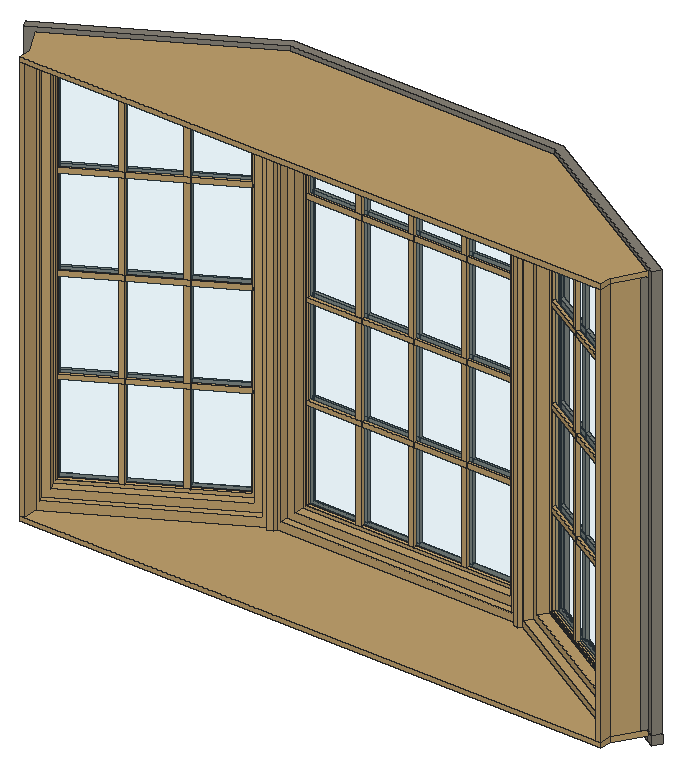
Revit family (continued)
Definition of nested family "Window-Casement-Marvin-Clad_Ultimate"
  Definition of nested family "Muntins"
    Dimensions and locks (in)
      "MuntinWidth": Extrusion 2 sketch curve to Extrusion 2 sketch curve
      "Width": Extrusion 2 sketch curve to Extrusion 2 sketch curve
      "MuntinWidth": Extrusion 3 sketch curve to Extrusion 3 sketch curve
      "Height": Extrusion 3 sketch curve to Extrusion 3 sketch curve
      "Width": plane 15 to plane 14
      equal spacing: plane 15, plane 3 "Center (Left/Right)", plane 14
      "Inset Vert": plane 13 to plane 14
      "Inset Vert": plane 15 to plane 16
      "MuntinWidth": Extrusion 4 sketch curve to Extrusion 4 sketch curve
      "Width": Extrusion 4 sketch curve to Extrusion 4 sketch curve
      "MuntinWidth": Extrusion 5 sketch curve to Extrusion 5 sketch curve
      "Width": Extrusion 5 sketch curve to Extrusion 5 sketch curve
      group 2 to group 3 = 0' - 0"  (x2)
      group 3 to group 2 = 0' - 11.85417"
      "MuntinWidth": Extrusion 6 sketch curve to Extrusion 6 sketch curve
      "Height": Extrusion 6 sketch curve to Extrusion 6 sketch curve
      group 4 to group 5 = 0' - 8.14583"
      group 4 to group 5 = 0' - 0"  (x2)
      "Prairie Corner Width": plane 19 to plane 11
      "Prairie Corner Width": plane 20 to plane 12
      "Prairie Corner Height": plane 9 to plane 17
      "Prairie Corner Height": plane 18 to plane 10
      "MuntinWidth": Extrusion 7 sketch curve to Extrusion 7 sketch curve
      "Height": Extrusion 7 sketch curve to Extrusion 7 sketch curve
      "MuntinWidth": Extrusion 8 sketch curve to Extrusion 8 sketch curve
      "Height": Extrusion 8 sketch curve to Extrusion 8 sketch curve
      "MuntinWidth": Extrusion 9 sketch curve to Extrusion 9 sketch curve
      "Width": Extrusion 9 sketch curve to Extrusion 9 sketch curve
      "MuntinWidth": Extrusion 10 sketch curve to Extrusion 10 sketch curve
      "Width": Extrusion 10 sketch curve to Extrusion 10 sketch curve
      aligned and locked: plane 6 to Extrusion 1  (x2)
      aligned and locked: Extrusion 1 to plane 4  (x3)
      aligned and locked: Extrusion 3 to plane 13  (x5)
      aligned and locked: Extrusion 3 to plane 4  (x3)
      aligned and locked: Extrusion 2 to plane 14
      aligned and locked: plane 15 to Extrusion 2
      aligned and locked: plane 6 to Extrusion 3
      aligned and locked: plane 7 to Extrusion 4
      aligned and locked: Extrusion 4 to plane 14
      aligned and locked: plane 15 to Extrusion 4
      aligned and locked: curve 1 to plane 5
      aligned and locked: plane 14 to curve 1
      aligned and locked: plane 15 to curve 1
      aligned and locked: Extrusion 5 to plane 14
      aligned and locked: Extrusion 5 to plane 8
      aligned and locked: plane 15 to Extrusion 5
      aligned and locked: Extrusion 5 to curve 3  (x2)
      aligned and locked: Extrusion 4 to curve 2  (x2)
      aligned and locked: curve 4 to plane 3 "Center (Left/Right)"
      aligned and locked: Extrusion 1 to curve 4  (x2)
      aligned and locked: Extrusion 3 to curve 5  (x2)
      aligned and locked: Extrusion 6 to curve 6  (x2)
      aligned and locked: Extrusion 6 to plane 16
      aligned and locked: plane 6 to Extrusion 6
      aligned and locked: plane 6 to curve 6
      aligned and locked: Extrusion 6 to plane 4
      aligned and locked: plane 4 to curve 6
      aligned and locked: cut or joined group of Extrusion 7, Extrusion 8, Extrusion 9, Extrusion 10 to plane 19
      aligned and locked: plane 20 to cut or joined group of Extrusion 7, Extrusion 8, Extrusion 9, Extrusion 10
      aligned and locked: plane 17 to cut or joined group of Extrusion 7, Extrusion 8, Extrusion 9, Extrusion 10
      aligned and locked: cut or joined group of Extrusion 7, Extrusion 8, Extrusion 9, Extrusion 10 to plane 18
      aligned and locked: cut or joined group of Extrusion 7, Extrusion 8, Extrusion 9, Extrusion 10 to curve 7  (x2)
      aligned and locked: cut or joined group of Extrusion 7, Extrusion 8, Extrusion 9, Extrusion 10 to curve 8  (x2)
      aligned and locked: cut or joined group of Extrusion 7, Extrusion 8, Extrusion 9, Extrusion 10 to curve 9  (x2)
      aligned and locked: cut or joined group of Extrusion 7, Extrusion 8, Extrusion 9, Extrusion 10 to curve 10  (x2)
    Automatic sketch dimensions
      Extrusion 1 sketch curve to plane 4 = 0' - 0"
      Extrusion 1 sketch curve to plane 3 "Center (Left/Right)" = 0' - 0 3/8"
      Extrusion 2 sketch curve to plane 14 = 0' - 0"
      Extrusion 2 sketch curve to plane 5 = 0' - 0 3/8"
      Extrusion 7 sketch curve to plane 4 = 0' - 0"
      Extrusion 7 sketch curve to plane 19 = 0' - 0"
      Extrusion 8 sketch curve to plane 4 = 0' - 0"
      Extrusion 8 sketch curve to plane 20 = 0' - 0 3/4"
      Extrusion 9 sketch curve to plane 14 = 0' - 0"
      Extrusion 9 sketch curve to plane 17 = 0' - 0 3/4"
      Extrusion 10 sketch curve to plane 14 = 0' - 0"
      Extrusion 10 sketch curve to plane 18 = 0' - 0"
      plane 19 to curve 9 = 0' - 0 3/8"
      curve 10 to plane 20 = 0' - 0 3/8"
      plane 18 to curve 8 = 0' - 0 3/8"
      curve 7 to plane 17 = 0' - 0 3/8"
Definition of nested family "Bay_Plan_Detail"
  Parameters (values of type "Casement_Plan_Detail")
    Width = 7' - 5.06044"
    Projection = 1' - 2.61133"
    Assembly Code = ""
  Reference planes (in)
    plane 1 "Center (Front/Back)": y = 0
    plane 2: z = 0
    plane 3 "Center (Left/Right)": x = 0
    plane 4: x = -44.53022
    plane 5: x = 44.53022
    plane 6 "Projection": y = 14.61133
  Lines and regions (in)
    reference lines, in view "Ref. Level"
      curve 1: line (-44.53022, 0, 0) -> (-19.22266, 14.61133, 0)
      curve 2: line (44.53022, 0, 0) -> (19.22266, 14.61133, 0)
    detail lines, style "Cut Lines", in view "Ref. Level"
      curve 3: line (-20.82851, 14.94744, 0) -> (-19.51579, 15.70534, 0)
      curve 4: line (-18.00051, 15.70534, 0) -> (-19.51579, 15.70534, 0)
      curve 5: line (20.82851, 14.94744, 0) -> (19.517, 15.70464, 0)
      curve 6: line (18.00051, 15.70464, 0) -> (19.517, 15.70464, 0)
      curve 7: line (-15.64797, 13.86258, 0) -> (15.64291, 13.86258, 0)
      curve 8: line (-15.64797, 13.74458, 0) -> (15.64291, 13.74458, 0)
      curve 9: line (-15.64797, 13.23058, 0) -> (15.64291, 13.23058, 0)
      curve 10: line (-15.64797, 13.11258, 0) -> (15.64291, 13.11258, 0)
      curve 11: line (-42.11809, 0.52807, 0) -> (-21.94489, 12.17507, 0)
      curve 12: line (-42.05909, 0.42587, 0) -> (-21.88589, 12.07287, 0)
      curve 13: line (-41.80209, -0.01926, 0) -> (-21.62889, 11.62774, 0)
      curve 14: line (-41.74309, -0.12145, 0) -> (-21.56989, 11.52555, 0)
      curve 15: line (42.11809, 0.52807, 0) -> (21.94489, 12.17507, 0)
      curve 16: line (42.05909, 0.42587, 0) -> (21.88589, 12.07287, 0)
      curve 17: line (41.80209, -0.01926, 0) -> (21.62889, 11.62774, 0)
      curve 18: line (41.74309, -0.12145, 0) -> (21.56989, 11.52555, 0)
    detail lines, style "DetailComponentsHiddenLines", in view "Ref. Level"
      curve 19: line (40.68306, -0.51316, 0) -> (21.76068, 10.41168, 0)
      curve 20: line (-40.68306, -0.51316, 0) -> (-21.76068, 10.41168, 0)
  Dimensions and locks (in)
    equal spacing: plane 4, plane 3 "Center (Left/Right)", plane 5
    "Width": plane 4 to plane 5
    "Projection": plane 1 "Center (Front/Back)" to plane 6 "Projection"
    locked: nested 3 to curve 1 at 1.22266
    locked: curve 2 to nested 4 at 1.22266
    locked: plane 1 "Center (Front/Back)" to curve 1 (angle 30.00°)
    locked: curve 2 to plane 1 "Center (Front/Back)" (angle 30.00°)
    aligned and locked: plane 1 "Center (Front/Back)" to curve 1
    aligned and locked: plane 4 to curve 1
    aligned and locked: plane 1 "Center (Front/Back)" to curve 2
    aligned and locked: plane 5 to curve 2
    aligned and locked: nested 1 to curve 1  (x2)
    aligned and locked: nested 2 to curve 2  (x2)
    aligned and locked: nested 6 to nested 3
    aligned and locked: nested 5 to nested 4
    aligned and locked: nested 5 to curve 6
    aligned and locked: curve 4 to nested 6
    aligned and locked: plane 6 "Projection" to nested 6
    aligned and locked: nested 5 to plane 6 "Projection"
    aligned and locked: plane 6 "Projection" to curve 2
    aligned and locked: plane 6 "Projection" to curve 1
    aligned and locked: nested 4 to curve 2
    aligned and locked: nested 4 to curve 5
    aligned and locked: curve 5 to nested 4
    aligned and locked: nested 3 to curve 1
    aligned and locked: nested 3 to curve 3
    aligned and locked: curve 3 to nested 3
    aligned and locked: curve 11 to nested 1  (x2)
    aligned and locked: nested 1 to curve 12
    aligned and locked: curve 12 to nested 1
    aligned and locked: curve 13 to nested 1  (x2)
    aligned and locked: nested 1 to curve 14
    aligned and locked: curve 14 to nested 1
    aligned and locked: curve 15 to nested 2  (x2)
    aligned and locked: nested 2 to curve 16
    aligned and locked: curve 16 to nested 2
    aligned and locked: curve 17 to nested 2  (x2)
    aligned and locked: nested 2 to curve 18
    aligned and locked: curve 18 to nested 2
    aligned and locked: nested 2 to curve 19  (x2)
    aligned and locked: nested 1 to curve 20
    aligned and locked: curve 20 to nested 1
  Automatic sketch dimensions
    plane 6 "Projection" to curve 11 = 0' - 2.43626"
    curve 11 to curve 3 = 0' - 1.11638"
    plane 6 "Projection" to curve 12 = 0' - 2.53845"
    curve 11 to curve 12 = 0' - 0.059"
    plane 6 "Projection" to curve 20 = 0' - 4.19965"
    curve 12 to curve 20 = 0' - 0.12522"
    plane 6 "Projection" to curve 13 = 0' - 2.98359"
    curve 12 to curve 13 = 0' - 0.257"
    plane 6 "Projection" to curve 14 = 0' - 3.08578"
    curve 13 to curve 14 = 0' - 0.059"
    curve 4 to plane 6 "Projection" = 0' - 1.09401"
    plane 6 "Projection" to curve 10 = 0' - 1.49875"
    curve 4 to curve 10 = 0' - 2.35254"
    curve 7 to curve 10 = 0' - 0"
    curve 8 to curve 7 = 0' - 0"
    curve 9 to curve 10 = 0' - 0"  (x2)
    curve 10 to curve 6 = 0' - 2.3576"
    curve 8 to curve 9 = 0' - 0"
    curve 7 to curve 8 = 0' - 0"
    curve 6 to plane 6 "Projection" = 0' - 1.09331"
    plane 6 "Projection" to curve 18 = 0' - 3.08578"
    curve 5 to curve 18 = 0' - 0.74138"
    plane 6 "Projection" to curve 17 = 0' - 2.98359"
    curve 18 to curve 17 = 0' - 0.059"
    plane 6 "Projection" to curve 19 = 0' - 4.19965"
    plane 6 "Projection" to curve 16 = 0' - 2.53845"
    curve 17 to curve 16 = 0' - 0.257"
    plane 6 "Projection" to curve 15 = 0' - 2.43626"
    curve 16 to curve 15 = 0' - 0.059"
    curve 10 to curve 9 = 0' - 0.118"
    curve 9 to curve 8 = 0' - 0.514"
    curve 8 to curve 7 = 0' - 0.118"
  Nested families (in)
    nested 1: "Jamb_Detail" at (-44.53022, 0, 0) x (0.866, 0.5, 0) z (0, 0, 1), type "Jamb_Detail", in view "Ref. Level"
    nested 2: "Jamb_Detail" at (44.53022, 0, 0) x (-0.866, 0.5, 0) z (0, 0, 1), type "Jamb_Detail", in view "Ref. Level"
    nested 3: "Jamb_Detail" at (-20.28151, 14, 0) x (-0.866, -0.5, 0) z (0, 0, 1), type "Jamb_Detail", in view "Ref. Level"
    nested 4: "Jamb_Detail" at (20.28151, 14, 0) x (0.866, -0.5, 0) z (0, 0, 1), type "Jamb_Detail", in view "Ref. Level"
    nested 5: "Jamb_Detail" at (18.00051, 14.61133, 0) x (-1, 0, 0) z (0, 0, 1), type "Jamb_Detail", in view "Ref. Level"
      with Screen no
    nested 6: "Jamb_Detail" at (-18.00051, 14.61133, 0), type "Jamb_Detail", in view "Ref. Level"
      with Screen no
  Definition of nested family "Jamb_Detail"
    Parameters (values of type "Jamb_Detail")
      Screen [instance] = yes
      Assembly Code = ""
    Reference planes (in)
      plane 1 "Center (Front/Back)": y = 0
      plane 2: z = 0
      plane 3 "Center (Left/Right)": x = 0
    Lines and regions (in)
      detail lines, style "Cut Lines", in view "Ref. Level"
        curve 1: line (0, 4.56199, 0) -> (1.188, 4.56199, 0)
        curve 2: line (0, -1.09401, 0) -> (0, 4.56199, 0)
        curve 3: line (1.188, 4.56199, 0) -> (1.188, 0.76198, 0)
        curve 4: line (0.52105, -1.09401, 0) -> (0, -1.09401, 0)
        curve 5: line (0.637, 0.56409, 0) -> (0.52105, -1.09401, 0)
        curve 6: line (0.637, 0.56409, 0) -> (0.637, 1.98699, 0)
        curve 7: line (1.188, 3.46342, 0) -> (2.115, 3.46342, 0)
        curve 8: line (2.115, 3.46342, 0) -> (2.115, 2.86577, 0)
        curve 9: line (2.30184, 2.86577, 0) -> (2.30184, 2.34399, 0)
        curve 10: line (2.489, 2.34399, 0) -> (2.489, 1.98699, 0)
        curve 11: line (2.115, 2.86577, 0) -> (2.30184, 2.86577, 0)
        curve 12: line (0.805, 0.76198, 0) -> (1.188, 0.76198, 0)
        curve 13: line (0.805, 0.36599, 0) -> (0.805, 0.76198, 0)
        curve 14: line (2.696, 0.36599, 0) -> (0.805, 0.36599, 0)
        curve 15: line (2.696, 0.4846, 0) -> (2.696, 0.36599, 0)
        curve 16: line (2.896, 0.6846, 0) -> (2.696, 0.4846, 0)
        curve 17: line (2.208, 0.71396, 0) -> (2.896, 0.71396, 0)
        curve 18: line (2.208, 1.50299, 0) -> (2.208, 0.71396, 0)
        curve 19: line (2.896, 1.50299, 0) -> (2.208, 1.50299, 0)
        curve 20: line (2.896, 1.67399, 0) -> (2.896, 1.50299, 0)
        curve 21: line (2.677, 1.98699, 0) -> (2.677, 1.89299, 0)
        curve 22: line (0.637, 1.98699, 0) -> (2.677, 1.98699, 0)
        curve 23: line (2.896, 0.71396, 0) -> (2.896, 0.6846, 0)
        curve 24: line (2.677, 1.89299, 0) -> (2.896, 1.67399, 0)
        curve 34: line (2.353, 1.38075, 0) -> (2.353, 1.49875, 0)
        curve 35: line (2.478, 0.86675, 0) -> (2.478, 1.38075, 0)
        curve 36: line (2.728, 0.87375, 0) -> (2.728, 1.37375, 0)
        curve 37: line (2.353, 0.74875, 0) -> (2.353, 0.86675, 0)
        curve 38: line (2.30184, 2.34399, 0) -> (2.489, 2.34399, 0)
      detail lines, style "Cut Lines", in view "Ref. Level", visible <- "Screen"
        curve 25: line (2.30184, 2.71899, 0) -> (2.98516, 2.71899, 0)
        curve 26: line (2.88116, 2.34399, 0) -> (2.30184, 2.34399, 0)
        curve 27: line (2.88116, 2.57074, 0) -> (2.88116, 2.34399, 0)
        curve 28: line (3.00316, 2.57074, 0) -> (2.88116, 2.57074, 0)
        curve 29: line (3.07516, 2.61899, 0) -> (3.07516, 2.36799, 0)
        curve 30: line (3.00316, 2.36799, 0) -> (3.00316, 2.57074, 0)
        curve 31: line (3.00316, 2.36799, 0) -> (3.07516, 2.36799, 0)
        curve 32: line (2.98516, 2.71899, 0) -> (2.98516, 2.61899, 0)
        curve 33: line (2.98516, 2.61899, 0) -> (3.07516, 2.61899, 0)
Definition of nested family "Label Annotation 1-16 w4"
  Parameters
    Nominal Width = 6' - 10.31403"
    Nominal Height = 5' - 0 1/2"
    Label = ""
    Egress Info = "EGRESS WDW"
    Description = "CSMT BAY"
  Reference planes (in)
    plane 1: y = 0
    plane 2: x = 0
  Text (in)
    label "Nominal Width X  Nominal Height\n\nDescription\n\nEgress Info" at (0.00375, -0.00345, 0), shows "Nominal Width", "Nominal Height", "Description", "Egress Info"
Definition of nested family "Bay_Section_Detail"
  Parameters (values of type "Casement_Section_Detail")
    Height = 5' - 0 1/2"
    Assembly Code = ""
  Reference planes (in)
    plane 1 "Center (Front/Back)": y = 0
    plane 2: z = 0
    plane 3 "Center (Left/Right)": x = 0
    plane 4: y = 60.5
  Lines and regions (in)
    detail lines, style "Cut Lines", in view "Ref. Level"
      curve 1: line (0.74875, 2.353, 0) -> (0.74875, 58.147, 0)
      curve 2: line (0.86675, 2.353, 0) -> (0.86675, 58.147, 0)
      curve 3: line (1.38075, 2.353, 0) -> (1.38075, 58.147, 0)
      curve 4: line (1.49875, 2.353, 0) -> (1.49875, 58.147, 0)
  Dimensions and locks (in)
    "Height": plane 4 to plane 1 "Center (Front/Back)"
    aligned and locked: plane 1 "Center (Front/Back)" to nested 1
    aligned and locked: plane 3 "Center (Left/Right)" to nested 1
    aligned and locked: nested 2 to plane 4
    aligned and locked: plane 3 "Center (Left/Right)" to nested 2
    aligned and locked: curve 1 to nested 1  (x2)
    aligned and locked: nested 1 to curve 2
    aligned and locked: curve 2 to nested 1
    aligned and locked: curve 3 to nested 1  (x2)
    aligned and locked: nested 1 to curve 4
    aligned and locked: curve 4 to nested 1
  Automatic sketch dimensions
    curve 3 to plane 4 = 0' - 2.353"
    curve 2 to curve 3 = 0' - 0"
    curve 4 to curve 3 = 0' - 0"
    curve 1 to curve 2 = 0' - 0"
  Nested families (in)
    nested 1: "Sill_Detail" at (0, 0, 0), type "Sill_Detail", in view "Ref. Level"
      with Screen no
    nested 2: "Head_Detail" at (0, 60.5, 0), type "Head_Detail", in view "Ref. Level"
      with Screen no
  Definition of nested family "Sill_Detail"
    Parameters (values of type "Jamb_Detail")
      Screen [instance] = yes
      Assembly Code = ""
    Reference planes (in)
      plane 1 "Center (Front/Back)": y = 0
      plane 2: z = 0
      plane 3 "Center (Left/Right)": x = 0
    Lines and regions (in)
      detail lines, style "Cut Lines", in view "Ref. Level"
        curve 1: line (4.56199, 0, 0) -> (4.56199, 1.188, 0)
        curve 2: line (-1.09401, 0, 0) -> (4.56199, 0, 0)
        curve 3: line (4.56199, 1.188, 0) -> (0.76198, 1.188, 0)
        curve 4: line (-1.09401, 0.52105, 0) -> (-1.09401, 0, 0)
        curve 5: line (0.56409, 0.637, 0) -> (-1.09401, 0.52105, 0)
        curve 6: line (0.56409, 0.637, 0) -> (1.98699, 0.637, 0)
        curve 7: line (3.46342, 1.188, 0) -> (3.46342, 2.115, 0)
        curve 8: line (3.46342, 2.115, 0) -> (2.86577, 2.115, 0)
        curve 9: line (2.86577, 2.30184, 0) -> (2.34399, 2.30184, 0)
        curve 10: line (2.34399, 2.489, 0) -> (1.98699, 2.489, 0)
        curve 11: line (2.86577, 2.115, 0) -> (2.86577, 2.30184, 0)
        curve 12: line (0.76198, 0.805, 0) -> (0.76198, 1.188, 0)
        curve 13: line (0.36599, 0.805, 0) -> (0.76198, 0.805, 0)
        curve 14: line (0.36599, 2.696, 0) -> (0.36599, 0.805, 0)
        curve 15: line (0.4846, 2.696, 0) -> (0.36599, 2.696, 0)
        curve 16: line (0.6846, 2.896, 0) -> (0.4846, 2.696, 0)
        curve 17: line (0.71396, 2.208, 0) -> (0.71396, 2.896, 0)
        curve 18: line (1.50299, 2.208, 0) -> (0.71396, 2.208, 0)
        curve 19: line (1.50299, 2.896, 0) -> (1.50299, 2.208, 0)
        curve 20: line (1.67399, 2.896, 0) -> (1.50299, 2.896, 0)
        curve 21: line (1.98699, 2.677, 0) -> (1.89299, 2.677, 0)
        curve 22: line (1.98699, 0.637, 0) -> (1.98699, 2.677, 0)
        curve 23: line (0.71396, 2.896, 0) -> (0.6846, 2.896, 0)
        curve 24: line (1.89299, 2.677, 0) -> (1.67399, 2.896, 0)
        curve 34: line (1.38075, 2.353, 0) -> (1.49875, 2.353, 0)
        curve 35: line (0.86675, 2.478, 0) -> (1.38075, 2.478, 0)
        curve 36: line (0.87375, 2.728, 0) -> (1.37375, 2.728, 0)
        curve 37: line (0.74875, 2.353, 0) -> (0.86675, 2.353, 0)
        curve 38: line (2.34399, 2.30184, 0) -> (2.34399, 2.489, 0)
      detail lines, style "Cut Lines", in view "Ref. Level", visible <- "Screen"
        curve 25: line (2.71899, 2.30184, 0) -> (2.71899, 2.98516, 0)
        curve 26: line (2.34399, 2.88116, 0) -> (2.34399, 2.30184, 0)
        curve 27: line (2.57074, 2.88116, 0) -> (2.34399, 2.88116, 0)
        curve 28: line (2.57074, 3.00316, 0) -> (2.57074, 2.88116, 0)
        curve 29: line (2.61899, 3.07516, 0) -> (2.36799, 3.07516, 0)
        curve 30: line (2.36799, 3.00316, 0) -> (2.57074, 3.00316, 0)
        curve 31: line (2.36799, 3.00316, 0) -> (2.36799, 3.07516, 0)
        curve 32: line (2.71899, 2.98516, 0) -> (2.61899, 2.98516, 0)
        curve 33: line (2.61899, 2.98516, 0) -> (2.61899, 3.07516, 0)
  Definition of nested family "Head_Detail"
    Parameters (values of type "Jamb_Detail")
      Screen [instance] = yes
      Assembly Code = ""
    Reference planes (in)
      plane 1 "Center (Front/Back)": y = 0
      plane 2: z = 0
      plane 3 "Center (Left/Right)": x = 0
    Lines and regions (in)
      detail lines, style "Cut Lines", in view "Ref. Level"
        curve 1: line (4.56199, 0, 0) -> (4.56199, -1.188, 0)
        curve 2: line (-1.09401, 0, 0) -> (4.56199, 0, 0)
        curve 3: line (4.56199, -1.188, 0) -> (0.76198, -1.188, 0)
        curve 4: line (-1.09401, -0.52105, 0) -> (-1.09401, 0, 0)
        curve 5: line (0.56409, -0.637, 0) -> (-1.09401, -0.52105, 0)
        curve 6: line (0.56409, -0.637, 0) -> (1.98699, -0.637, 0)
        curve 7: line (3.46342, -1.188, 0) -> (3.46342, -2.115, 0)
        curve 8: line (3.46342, -2.115, 0) -> (2.86577, -2.115, 0)
        curve 9: line (2.86577, -2.30184, 0) -> (2.34399, -2.30184, 0)
        curve 10: line (2.34399, -2.489, 0) -> (1.98699, -2.489, 0)
        curve 11: line (2.86577, -2.115, 0) -> (2.86577, -2.30184, 0)
        curve 12: line (0.76198, -0.805, 0) -> (0.76198, -1.188, 0)
        curve 13: line (0.36599, -0.805, 0) -> (0.76198, -0.805, 0)
        curve 14: line (0.36599, -2.696, 0) -> (0.36599, -0.805, 0)
        curve 15: line (0.4846, -2.696, 0) -> (0.36599, -2.696, 0)
        curve 16: line (0.6846, -2.896, 0) -> (0.4846, -2.696, 0)
        curve 17: line (0.71396, -2.208, 0) -> (0.71396, -2.896, 0)
        curve 18: line (1.50299, -2.208, 0) -> (0.71396, -2.208, 0)
        curve 19: line (1.50299, -2.896, 0) -> (1.50299, -2.208, 0)
        curve 20: line (1.67399, -2.896, 0) -> (1.50299, -2.896, 0)
        curve 21: line (1.98699, -2.677, 0) -> (1.89299, -2.677, 0)
        curve 22: line (1.98699, -0.637, 0) -> (1.98699, -2.677, 0)
        curve 23: line (0.71396, -2.896, 0) -> (0.6846, -2.896, 0)
        curve 24: line (1.89299, -2.677, 0) -> (1.67399, -2.896, 0)
        curve 34: line (1.38075, -2.353, 0) -> (1.49875, -2.353, 0)
        curve 35: line (0.86675, -2.478, 0) -> (1.38075, -2.478, 0)
        curve 36: line (0.87375, -2.728, 0) -> (1.37375, -2.728, 0)
        curve 37: line (0.74875, -2.353, 0) -> (0.86675, -2.353, 0)
        curve 38: line (2.34399, -2.30184, 0) -> (2.34399, -2.489, 0)
      detail lines, style "Cut Lines", in view "Ref. Level", visible <- "Screen"
        curve 25: line (2.71899, -2.30184, 0) -> (2.71899, -2.98516, 0)
        curve 26: line (2.34399, -2.88116, 0) -> (2.34399, -2.30184, 0)
        curve 27: line (2.57074, -2.88116, 0) -> (2.34399, -2.88116, 0)
        curve 28: line (2.57074, -3.00316, 0) -> (2.57074, -2.88116, 0)
        curve 29: line (2.61899, -3.07516, 0) -> (2.36799, -3.07516, 0)
        curve 30: line (2.36799, -3.00316, 0) -> (2.57074, -3.00316, 0)
        curve 31: line (2.36799, -3.00316, 0) -> (2.36799, -3.07516, 0)
        curve 32: line (2.71899, -2.98516, 0) -> (2.61899, -2.98516, 0)
        curve 33: line (2.61899, -2.98516, 0) -> (2.61899, -3.07516, 0)
